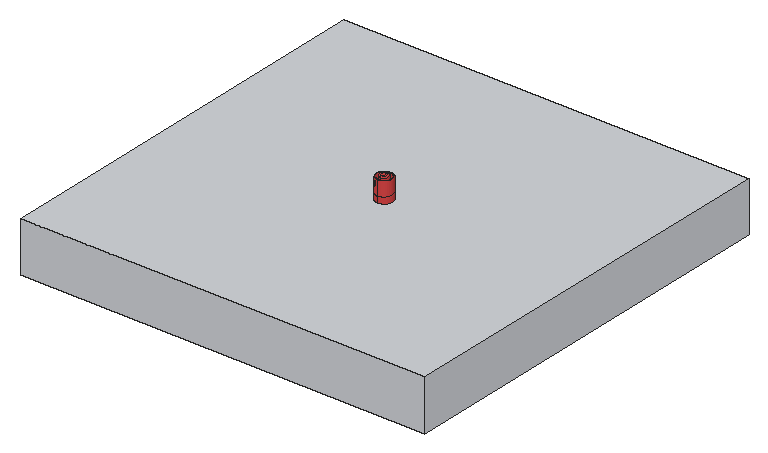
Revit family "MAD-464_Sirena analógica", category Dispositivos de alarma de incendios, Revit 2017
Family settings
  Anfitrión = Cara
  Mantener orientación de anotación = No
  Cota de conector redondo = Diámetro de uso
  Tipo de pieza = Normal
  Corte con vacíos al cargar = No
  Compartido = No
  Punto de cálculo de habitación = No
Parameters (values of type "MAD-464-I")
  Índice IP = "IP33C"  # constant formula
  Voltaje = 230 V
  URL = "https://www.detnov.com/wp-content/uploads/2020/03/Datasheet_MAD-464-I-DS-186-es-2019-b.pdf"
  Número máximo de sirenas en el lazo = "20 sirenas a 1 km / 10 sirenas a 2 km"  # constant formula
  Cuerpo = ABS Rojo
  Tensión de trabajo = "De 22 a 38VDC"  # constant formula
  Consumo en reposo = "< 300 μA"  # constant formula
  Temperatura trabajo = "De -10ºC a 60ºC"  # constant formula
  Consumo en alarma = "< 20 mA"  # constant formula
  Volumen = "De 78,3 dB(A) a 104,6 dB(A) dependiendo del tono"  # constant formula
  Profundidad = 75 mm  # constant formula
  Potencia total = 0 VA
  Conexionado = "2 x 1.5 mm² trenzado y apantallado"  # constant formula
  Nº certificado = "0370-CPR-2664"  # constant formula
  Imagen de tipo = <Ninguno>
  Humedad relativa = "95% sin condensación"  # constant formula
  Fases = 1
  Email = "info@detnov.com"  # constant formula
  Teléfono = "(+34) 93 371 60 25"  # constant formula
  Modelo = "Sirena analógica MAD-464-I"  # constant formula
  Fabricante = "Detnov Security"  # constant formula
  Default Elevation = 1219.2 mm
  Descripción = "Sirena analógica con aislador incorporado para conexión directa al lazo. Marca Detnov, modelo MAD-464-I. Bajo consumo. 32 tonos  y 3 volúmenes configurables (Bajo, Medio, Alto). Potencia acústica de 78.3 dBA a 104.6 dBA dependiendo del tono seleccionado. Ocupa una dirección en el lazo. Color rojo. Uso de interior. IP33C. Base alta para entrada de tubo visto. Dimensiones: 100 x 75 mm."  # constant formula
  Código de montaje = "PDETMAD-464-I"
  Comentarios de tipo = "Las sirenas analógicas, gama MAD-46X-I, son el medio de transmisión de alarma para el personal que ocupa un edificio y así iniciar la evacuación en caso necesario. Son un elemento básico en cualquier instalación junto con los pulsadores y detectores."  # constant formula
  Certificación = "EN 54-3 y EN 54-17"  # constant formula
  Carga eléctrica = Otro
  Anchura = 100 mm  # constant formula
  Altura = 100 mm  # constant formula
Reference planes
  plane 1 "Centro (Frontal/Posterior)": y = 0
  plane 2: z = 0
  plane 3 "Centro (Izquierda/Derecha)": x = 0
Forms (mm)
  Extrusion 1, solid
    sketch origin (0, 0, 0) x (1, 0, 0) y (0, 1, 0)
      loop
        line (-1219.2, 1219.2) -> (-1219.2, -1219.2) -> (1219.2, -1219.2) -> (1219.2, 1219.2) -> (-1219.2, 1219.2)
    from 0 to -304.8
  Revolve 2, solid, material "ABS Rojo" <- "Cuerpo"
    sketch origin (0, 0, 0) x (0, 1, 0) y (0, 0, 1)
      loop
        line (0, 0) -> (49.943, 0) -> (49.943, 37) -> (48.945, 37) -> (48.945, 39) -> (49.974, 39)
        arc (49.974, 39) -> (49.101, 79.512) -> (47.446, 120) r 2096.59
        line (47.446, 120) -> (43.441, 120)
        arc (43.441, 120) -> (44.558, 95.006) -> (45.375, 70) r 2092.59
        line (45.375, 70) -> (24.986, 70) -> (24.986, 125)
        arc (24.986, 125) -> (23.521, 128.536) -> (19.986, 130) r 5
        line (19.986, 130) -> (0, 130) -> (0, 0)
      axis (0, 130) -> (0, 0)
    angle from 0 to 360
Dimensions and locks
  aligned and locked: plane 2 to Extrusion 1
  aligned and locked: level to Extrusion 1
Connectors
  electrical at (0, 0, 0), driven by "Carga eléctrica", driven by "Voltaje", driven by "Potencia total"
    settings: on Revolve 2, index 3, voltage 230 V, apparent load 0 VA, apparent load phase1 0 VA, apparent load phase2 0 VA, apparent load phase3 0 VA, power factor 0.9, load classification "Otro", number of poles 1, system type 31, power factor state 1, is connector primary yes, connector utility no, sub classification motor no, connector description ""
  electrical at (0, 0, 0)
    settings: on Revolve 2, index 4, voltage 0 V, apparent load 0 VA, apparent load phase1 0 VA, apparent load phase2 0 VA, apparent load phase3 0 VA, power factor 1, load classification "Otro", number of poles 1, system type 11, power factor state 1, is connector primary no, connector utility no, sub classification motor no, connector description ""
